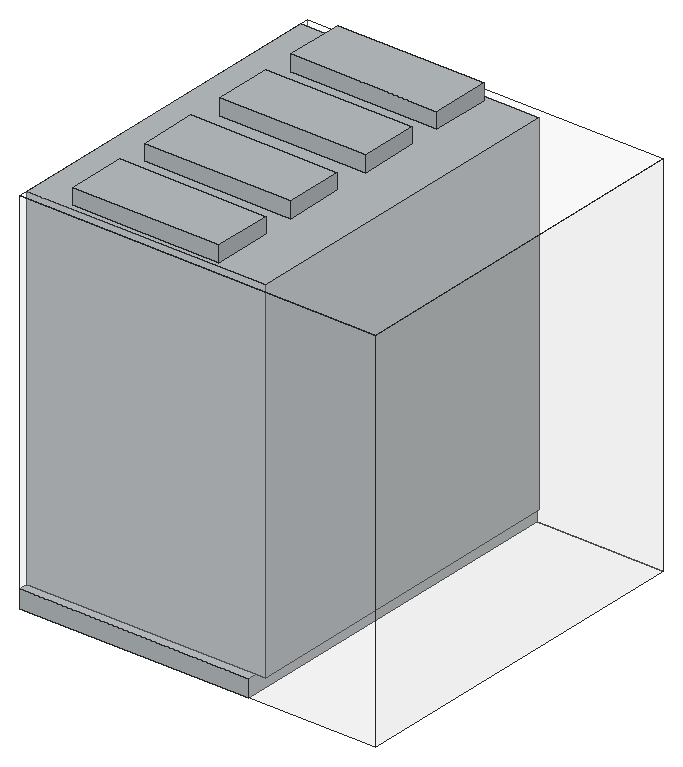
Revit family "lf-300_500x2-(f)60_60Hz", category 機械設備, Revit 2019
Family settings
  丸型コネクタ寸法 = 直径を使用
  パーツ タイプ = 標準
  OmniClass 番号 = 23.75.10.34.21
  OmniClass タイトル = Heat Exchangers for Ventilation Air
  作業面ベース = いいえ
  常に垂直 = はい
  ロード時にボイドで切り取り = いいえ
  共有 = いいえ
  部屋計算ポイント = はい
Parameters (values of type "LF-300X2-60")
  騒音レベル(dB(A)) = 52
  風量 = 3000.0 m³/h
  面風速 = 3.7 m/s
  電源種別 [instance] = ""
  電圧 = 200 V
  電動機出力 = 0 W
  集中コントローラ = ""
  運転質量 = 0.00 kg
  連動 [instance] = ""
  質量 = if(製品質量 > 運転質量, 製品質量, 運転質量) * 1.2  # 648.00 kg
  負荷分類 = 3_ファン類
  説明 = "設備用ロスナイ 床置形"
  設計風量 = 0.0 m³/h
  設置方法 = "床置形"
  記号 [instance] = ""
  製造元 = "三菱電機株式会社"
  製品質量 = 540.00 kg
  製品出荷対象 = "国内"
  製品リリース年月 = "2018/7/25"
  製品グループ = ""
  系統 [instance] = ""
  符号 = "HEU"
  積算_科目 = "1 空気調和設備"
  積算_拾い区分 [instance] = ""
  相 = 3
  盤記号 [instance] = ""
  発停方法 [instance] = ""
  特殊仕様 [instance] = ""
  火災停止 [instance] = ""
  温度交換効率 = 75.00%
  消費電力 = 2500 W
  法定耐用年数 = "15"
  機外静圧_排気 = 320.0 Pa
  機外静圧 = 320.0 Pa
  極数 = 3
  材質 [instance] = ""
  本体固定用穴ピッチ2 = 850 mm
  本体固定用穴ピッチ1 = 568 mm
  本体固定用穴_径 = 20 mm
  本体マテリアル = 溶融亜鉛めっき鋼板
  操作・制御方式 = ""
  操作・制御スイッチ = ""
  排気量 = 0.0 m³/h
  形式 = "床置形"
  幹線記号 [instance] = ""
  対象室 [instance] = ""
  実風量 = 0.0 m³/h
  始動方式 [instance] = "直入"
  外気量 = 0.0 m³/h
  呼称 = "全熱交換ユニット"
  周波数 = 60 Hz
  参照している仕様書等のバージョン = "公共建築工事標準仕様書（機械設備工事編）平成31年度版"
  初期抵抗 = 0.0 Pa
  分類コード = "50052504100050"
  分類グループ = ""
  価格 = 4576000
  企業コード = "108420"
  付属品_フィルター_還気 = ""
  付属品_フィルター = ""
  付属品 [instance] = ""
  仕様書バージョン = "Version1.0"
  モデル = "LF-300X2-60"
  メンテナンススペース = yes
  コメント [instance] = ""
  Keynote = ""
  エンタルピ交換効率_暖房 = 68.00%
  エンタルピ交換効率_冷房 = 65.00%
  Assembly Code = ""
  Width = 1220 mm
  W1 = 1170 mm
  Version = ""
  Uniclass2015Version = "Systems v1.9"
  Uniclass2015Title = "Thermal wheels"
  Uniclass2015Code = "Pr_60_60_36_88"
  URL = "https://www.mitsubishielectric.co.jp/ldg/wink/ssl/displayProduct.do?pid=294055"
  SpecificationReference = ""
  SpecificationDescription = ""
  SAサイズ_W = 748 mm
  SAサイズ_D = 298 mm
  Revision = ""
  RAサイズ_W = 748 mm
  RAサイズ_D = 298 mm
  ProductInformation = ""
  OmniClassCode = "23-27 23 19 11"
  OAサイズ_W = 748 mm
  OAサイズ_D = 298 mm
  MIN風量 = 0.0 m³/h
  MIN静圧 = 0.0 Pa
  MID風量 = 0.0 m³/h
  MID静圧 = 0.0 Pa
  MAX風量 = 3000.0 m³/h
  MAX静圧 = 320.0 Pa
  IfcTypeProduct = ""
  IfcProduct = ""
  IfcExportType = "ROTARYWHEEL"
  IfcExportAs = "IfcAirToAirHeatRecoveryType"
  Height = 1800 mm
  H1 = 90 mm
  EAサイズ_W = 748 mm
  EAサイズ_D = 298 mm
  Duct_Pitch2 = 458 mm
  Duct_Pitch1 = 479 mm
  Duct_Height = 80 mm
  Depth = 1750 mm
  D1 = 1840 mm
  Clearance Top = 0 mm
  Clearance Right = 600 mm
  Clearance Left = 0 mm
  Clearance Front = 0 mm
  Clearance Bottom = 0 mm
  Clearance Back = 0 mm
  Author = "三菱電機株式会社"
Types (6, lengths in mm): name | 騒音レベル(dB(A)) | 風量 | 面風速 | 質量 | 説明 | 製品質量 | 消費電力 | 機外静圧_排気 | 機外静圧 | 価格 | モデル | URL | MAX風量 | MAX静圧 | Height
  LF-300X2-60 | 52 | 3000.0 m³/h | 3.7 m/s | 648.00 kg | "設備用ロスナイ 床置形" | 540.00 kg | 2500 W | 320.0 Pa | 320.0 Pa | 4576000 | "LF-300X2-60" | "https://www.mitsubishielectric.co.jp/ldg/wink/ssl/displayProduct.do?pid=294055" | 3000.0 m³/h | 320.0 Pa | 1800
  LF-400X2-60 | 53.5 | 4000.0 m³/h | 4.94 m/s | 660.00 kg | "設備用ロスナイ 床置形" | 550.00 kg | 3000 W | 300.0 Pa | 300.0 Pa | 5446000 | "LF-400X2-60" | "https://www.mitsubishielectric.co.jp/ldg/wink/ssl/displayProduct.do?pid=294057" | 4000.0 m³/h | 300.0 Pa | 1800
  LF-500X2-60 | 54.5 | 5000.0 m³/h | 6.17 m/s | 744.00 kg | "設備用ロスナイ 床置形" | 620.00 kg | 3560 W | 215.0 Pa | 215.0 Pa | 6390000 | "LF-500X2-60" | "https://www.mitsubishielectric.co.jp/ldg/wink/ssl/displayProduct.do?pid=294059" | 5000.0 m³/h | 215.0 Pa | 2187
  LF-300X2-F60 | 52 | 3000.0 m³/h | 3.7 m/s | 648.00 kg | "設備用ロスナイ 床置形 インバータ端子付" | 540.00 kg | 2500 W | 320.0 Pa | 320.0 Pa | 5033000 | "LF-300X2-F60" | "https://www.mitsubishielectric.co.jp/ldg/wink/ssl/displayProduct.do?pid=294072" | 3000.0 m³/h | 320.0 Pa | 1800
  LF-400X2-F60 | 53.5 | 4000.0 m³/h | 4.94 m/s | 660.00 kg | "設備用ロスナイ 床置形 インバータ端子付" | 550.00 kg | 3000 W | 330.0 Pa | 330.0 Pa | 5992000 | "LF-400X2-F60" | "https://www.mitsubishielectric.co.jp/ldg/wink/ssl/displayProduct.do?pid=294073" | 4000.0 m³/h | 330.0 Pa | 1800
  LF-500X2-F60 | 54.5 | 5000.0 m³/h | 6.17 m/s | 744.00 kg | "設備用ロスナイ 床置形 インバータ端子付" | 620.00 kg | 3560 W | 215.0 Pa | 215.0 Pa | 7030000 | "LF-500X2-F60" | "https://www.mitsubishielectric.co.jp/ldg/wink/ssl/displayProduct.do?pid=294074" | 5000.0 m³/h | 215.0 Pa | 2187
Reference planes
  plane 1 "中心(正面/背面)": y = 0
  plane 2: z = 0
  plane 3 "中心(左/右)": x = 0
  plane 4: x = 585
  plane 5: x = 635
  plane 6: y = 875
  plane 7: y = 920
  plane 8: y = -875
  plane 9: y = -920
  plane 10: x = -585
  plane 11: x = -585
  plane 12: y = 239.5
  plane 13: y = 697.5
  plane 14: y = -239.5
  plane 15: y = -697.5
  plane 16: y = -548.5
  plane 17: y = -846.5
  plane 18: y = -90.5
  plane 19: y = -388.5
  plane 20: y = 388.5
  plane 21: y = 90.5
  plane 22: y = 846.5
  plane 23: y = 548.5
  plane 24: x = -374
  plane 25: x = 374
  plane 26: z = 90
  plane 27: z = 1890
  plane 28: z = 1970
  plane 29: y = 850
  plane 30: y = -850
  plane 31: x = -284
  plane 32: x = 284
  plane 33: x = 1235
  plane 34: x = -585
  plane 35: y = 920
  plane 36: y = -920
  plane 37: z = 1890
  plane 38: z = 0
Forms (mm)
  Extrusion 1, solid, material "溶融亜鉛めっき鋼板" <- "本体マテリアル", detail levels fine
    sketch origin (0, 0, 0) x (1, 0, 0) y (0, 1, 0)
      loop
        line (-585, 875) -> (-585, -875) -> (635, -875) -> (635, 875) -> (-585, 875)
    from 90 to 1890
  Extrusion 2, solid, material "溶融亜鉛めっき鋼板" <- "本体マテリアル", detail levels fine
    sketch origin (0, 0, 0) x (1, 0, 0) y (0, 1, 0)
      loop
        line (-585, 920) -> (-585, -920) -> (585, -920) -> (585, 920) -> (-585, 920)
    from 0 to 90
  Extrusion 3, solid, material "溶融亜鉛めっき鋼板" <- "本体マテリアル", detail levels fine
    sketch origin (0, 0, 0) x (1, 0, 0) y (0, 1, 0)
      loop
        line (-374, 846.5) -> (-374, 548.5) -> (374, 548.5) -> (374, 846.5) -> (-374, 846.5)
      loop
        line (-374, 388.5) -> (-374, 90.5) -> (374, 90.5) -> (374, 388.5) -> (-374, 388.5)
      loop
        line (-374, -388.5) -> (374, -388.5) -> (374, -90.5) -> (-374, -90.5) -> (-374, -388.5)
      loop
        line (-374, -548.5) -> (-374, -846.5) -> (374, -846.5) -> (374, -548.5) -> (-374, -548.5)
    from 1890 to 1970
Lines and regions (mm)
  Masking region 1, detail levels coarse+medium
    outline origin (1331.5, 88, 0) x (1, 0, 0) y (0, 1, 0)
      loop
        line (-1916.5, 832) -> (-1916.5, -1008) -> (-746.5, -1008) -> (-746.5, 832) -> (-1916.5, 832)
  symbolic lines, detail levels coarse+medium
    curve 1: line (0, 920, 0) -> (-585, 0, 0)
    curve 2: line (-585, 0, 0) -> (0, -920, 0)
    curve 3: line (0, -920, 0) -> (585, 0, 0)
    curve 4: line (0, 920, 0) -> (585, 0, 0)
Dimensions and locks
  equal spacing: plane 10, plane 3 "中心(左/右)", plane 4
  "W1": plane 10 to plane 4
  "Width": plane 11 to plane 5
  equal spacing: plane 7, plane 1 "中心(正面/背面)", plane 9
  "D1": plane 7 to plane 9
  equal spacing: plane 6, plane 1 "中心(正面/背面)", plane 8
  "Depth": plane 6 to plane 8
  equal spacing: plane 12, plane 1 "中心(正面/背面)", plane 14
  "Duct_Pitch1": plane 12 to plane 14
  "Duct_Pitch2": plane 13 to plane 12
  "Duct_Pitch2": plane 15 to plane 14
  equal spacing: plane 16, plane 15, plane 17
  "SAサイズ_D": plane 16 to plane 17
  equal spacing: plane 19, plane 14, plane 18
  "RAサイズ_D": plane 19 to plane 18
  equal spacing: plane 21, plane 12, plane 20
  "OAサイズ_D": plane 21 to plane 20
  equal spacing: plane 23, plane 13, plane 22
  "EAサイズ_D": plane 23 to plane 22
  equal spacing: plane 24, plane 3 "中心(左/右)", plane 25
  "SAサイズ_W": plane 24 to plane 25
  locked: plane 11 to plane 10 at 0
  "H1": plane 26 to level
  "Height": plane 27 to plane 26
  "Duct_Height": plane 28 to plane 27
  "本体固定用穴ピッチ2": plane 1 "中心(正面/背面)" to plane 29
  "本体固定用穴ピッチ2": plane 30 to plane 1 "中心(正面/背面)"
  equal spacing: plane 31, plane 3 "中心(左/右)", plane 32
  "本体固定用穴ピッチ1": plane 31 to plane 32
  "Clearance Right": plane 5 to plane 33
  "Clearance Left": plane 34 to plane 11
  "Clearance Top": plane 37 to plane 27
  "Clearance Bottom": level to plane 38
  "Clearance Front": plane 9 to plane 36
  "Clearance Back": plane 35 to plane 7
  aligned and locked: level to plane 2
  aligned and locked: Extrusion 1 sketch curve to plane 6
  aligned and locked: plane 10 to Extrusion 1 sketch curve
  aligned and locked: Extrusion 1 sketch curve to plane 8
  aligned and locked: Extrusion 2 sketch curve to plane 7
  aligned and locked: plane 11 to Extrusion 2 sketch curve
  aligned and locked: Extrusion 2 sketch curve to plane 9
  aligned and locked: Extrusion 3 sketch curve to plane 22
  aligned and locked: plane 24 to Extrusion 3 sketch curve  (x3)
  aligned and locked: Extrusion 3 sketch curve to plane 23
  aligned and locked: plane 25 to Extrusion 3 sketch curve  (x3)
  aligned and locked: Extrusion 3 sketch curve to plane 20
  aligned and locked: Extrusion 3 sketch curve to plane 21
  aligned and locked: plane 19 to Extrusion 3 sketch curve
  aligned and locked: Extrusion 3 sketch curve to plane 24
  aligned and locked: plane 18 to Extrusion 3 sketch curve
  aligned and locked: Extrusion 3 sketch curve to plane 25
  aligned and locked: Extrusion 3 sketch curve to plane 16
  aligned and locked: Extrusion 3 sketch curve to plane 17
  aligned and locked: plane 9 to Masking region 1
  aligned and locked: Masking region 1 to plane 11
  aligned and locked: plane 7 to Masking region 1
  aligned and locked: Masking region 1 to curve 1
  aligned and locked: Masking region 1 to curve 2
  aligned and locked: plane 26 to Extrusion 2
  aligned and locked: plane 27 to Extrusion 1
  aligned and locked: Extrusion 1 to plane 26
  aligned and locked: plane 28 to Extrusion 3
  aligned and locked: Extrusion 3 to plane 27
  aligned and locked: plane 33 to nested 1
  aligned and locked: nested 1 to plane 35
  aligned and locked: nested 1 to plane 37
  aligned and locked: nested 1 to plane 38
  aligned and locked: plane 9 to curve 2
  aligned and locked: plane 3 "中心(左/右)" to curve 3
  aligned and locked: plane 4 to curve 3
  aligned and locked: plane 3 "中心(左/右)" to curve 4
  aligned and locked: plane 1 "中心(正面/背面)" to curve 4
  aligned and locked: plane 30 to nested 2
  aligned and locked: plane 31 to nested 2
  aligned and locked: nested 2 to plane 32
  aligned and locked: plane 31 to nested 3
  aligned and locked: nested 3 to plane 32
  aligned and locked: plane 1 "中心(正面/背面)" to nested 3
  aligned and locked: plane 31 to nested 4
  aligned and locked: nested 4 to plane 32
  aligned and locked: nested 4 to plane 29
  aligned and locked: nested 1 to plane 34
  aligned and locked: Masking region 1 to plane 4
  aligned and locked: plane 4 to Extrusion 2 sketch curve
  aligned and locked: plane 5 to Extrusion 1 sketch curve
  aligned and locked: nested 5 to plane 3 "中心(左/右)"
  aligned and locked: nested 5 to plane 29
  aligned and locked: plane 30 to nested 5
  aligned and locked: nested 1 to plane 36
Automatic sketch dimensions
  plane 9 to Masking region 1 sketch curve = 0 mm
  Masking region 1 sketch curve to plane 10 = 0 mm
  plane 5 to Masking region 1 sketch curve = 50 mm
  Masking region 1 sketch curve to plane 7 = 0 mm
  plane 1 "中心(正面/背面)" to curve 1 = 0 mm
  curve 1 to plane 10 = 0 mm
  curve 4 to plane 7 = 0 mm
Nested families
  nested 1: "メンテナンススペース" at (325, 0, 945), visible <- "メンテナンススペース", type "メンテナンススペース"
    with Width 1820 mm, Height 1890 mm, Depth 1840 mm
  nested 2: "固定点" at (-284, -850, 0), type "固定点"
    with W 568 mm, D 1000 mm
  nested 3: "固定点" at (-284, 0, 0), type "固定点"
    with W 568 mm, D 1000 mm
  nested 4: "固定点" at (-284, 850, 0), type "固定点"
    with W 568 mm, D 1000 mm
  nested 5: "固定点" at (0, 850, 0) x (0, -1, 0) z (0, 0, 1), type "固定点"
    with W 1700 mm, D 1000 mm
Connectors
  hvac at (0, -697.5, 1970), driven by "SAサイズ_D", driven by "SAサイズ_W", driven by "機外静圧", driven by "風量"
    settings: on Extrusion 3, index 1, duct flow 3000.0 m³/h, flow factor 0, pres drop 320.0 Pa, loss coef 0, conn angle 0.00°, conn width 748 mm, conn height 298 mm, conn diameter 609.6 mm, duct sys type 1, conn prof type 1, flow config 0, flow direction 2, loss method 4, conn ref index -1, conn util no, is conn primary yes, conn desc ""
  hvac at (0, -239.5, 1970), driven by "RAサイズ_D", driven by "RAサイズ_W", driven by "機外静圧", driven by "風量"
    settings: on Extrusion 3, index 2, duct flow 3000.0 m³/h, flow factor 0, pres drop 320.0 Pa, loss coef 0, conn angle 0.00°, conn width 748 mm, conn height 298 mm, conn diameter 609.6 mm, duct sys type 2, conn prof type 1, flow config 0, flow direction 1, loss method 4, conn ref index -1, conn util no, is conn primary no, conn desc ""
  hvac at (0, 239.5, 1970), driven by "OAサイズ_D", driven by "OAサイズ_W", driven by "機外静圧", driven by "外気量"
    settings: on Extrusion 3, index 3, duct flow 0.0 m³/h, flow factor 0, pres drop 320.0 Pa, loss coef 0, conn angle 0.00°, conn width 748 mm, conn height 298 mm, conn diameter 609.6 mm, duct sys type 4, conn prof type 1, flow config 0, flow direction 1, loss method 4, conn ref index -1, conn util no, is conn primary no, conn desc ""
  hvac at (0, 697.5, 1970), driven by "EAサイズ_D", driven by "EAサイズ_W", driven by "機外静圧_排気", driven by "排気量"
    settings: on Extrusion 3, index 4, duct flow 0.0 m³/h, flow factor 0, pres drop 320.0 Pa, loss coef 0, conn angle 0.00°, conn width 748 mm, conn height 298 mm, conn diameter 609.6 mm, duct sys type 3, conn prof type 1, flow config 0, flow direction 2, loss method 4, conn ref index -1, conn util no, is conn primary no, conn desc ""
  electrical at (635, 0, 990), driven by "極数", driven by "負荷分類", driven by "電圧", driven by "消費電力"
    settings: on Extrusion 1, index 5, voltage 200 V, apparent load 2500 VA, apparent load phase1 0 VA, apparent load phase2 0 VA, apparent load phase3 0 VA, power factor 1, load classification "3_ファン類", number of poles 3, system type 30, power factor state 1, is connector primary yes, connector utility no, sub classification motor no, connector description ""
Definition of nested family "メンテナンススペース"
  Parameters (values of type "メンテナンススペース")
    Width [instance] = 500 mm
    Height [instance] = 500 mm
    Depth [instance] = 500 mm
  Reference planes
    plane 1 "中心(正面/背面)": y = 0
    plane 2: z = 0
    plane 3 "中心(左/右)": x = 0
    plane 4: y = -250
    plane 5: x = 250
    plane 6: y = 250
    plane 7: x = -250
    plane 8: z = 250
    plane 9: z = -250
  Forms (mm)
    Extrusion 1, solid
      sketch origin (-638.939, 0, 72.39) x (1, 0, 0) y (0, 1, 0)
        loop
          line (388.939, 250) -> (388.939, -250) -> (888.939, -250) -> (888.939, 250) -> (388.939, 250)
      from -322.39 to 177.61
  Lines and regions (mm)
    symbolic lines
      curve 1: line (-250, 0, 250) -> (250, 0, 250)
      curve 2: line (-250, 0, -250) -> (-250, 0, 250)
      curve 3: line (250, 0, -250) -> (-250, 0, -250)
      curve 4: line (250, 0, 250) -> (250, 0, -250)
      curve 5: line (0, -250, 250) -> (0, 250, 250)
      curve 6: line (0, -250, -250) -> (0, -250, 250)
      curve 7: line (0, 250, -250) -> (0, -250, -250)
      curve 8: line (0, 250, 250) -> (0, 250, -250)
      curve 9: line (-250, 250, 0) -> (250, 250, 0)
      curve 10: line (-250, -250, 0) -> (-250, 250, 0)
      curve 11: line (250, -250, 0) -> (-250, -250, 0)
      curve 12: line (250, 250, 0) -> (250, -250, 0)
  Dimensions and locks
    equal spacing: plane 7, plane 3 "中心(左/右)", plane 5
    equal spacing: plane 4, plane 1 "中心(正面/背面)", plane 6
    "Depth": plane 4 to plane 6
    "Width": plane 7 to plane 5
    equal spacing: plane 8, plane 2, plane 9
    "Height": plane 8 to plane 9
    aligned and locked: plane 9 to curve 3
    aligned and locked: plane 7 to curve 2
    aligned and locked: curve 4 to plane 5
    aligned and locked: plane 5 to Extrusion 1
    aligned and locked: Extrusion 1 to plane 7
    aligned and locked: Extrusion 1 to plane 9
    aligned and locked: plane 8 to Extrusion 1
    aligned and locked: plane 9 to curve 7
  Automatic sketch dimensions
    plane 4 to Extrusion 1 sketch curve = 0 mm
    Extrusion 1 sketch curve to plane 7 = 0 mm
    Extrusion 1 sketch curve to plane 5 = 0 mm
    plane 6 to Extrusion 1 sketch curve = 0 mm
    curve 2 to plane 8 = 0 mm
    plane 4 to curve 11 = 0 mm
    curve 11 to plane 7 = 0 mm
    curve 11 to plane 5 = 0 mm
    plane 6 to curve 10 = 0 mm
    curve 7 to plane 4 = 0 mm
    curve 7 to plane 6 = 0 mm
    curve 6 to plane 8 = 0 mm
Definition of nested family "固定点"
  Parameters (values of type "固定点")
    中心円 = 20 mm
    W [instance] = 1000 mm
    D [instance] = 1000 mm
  Reference planes
    plane 1 "中心(正面/背面)": y = 0
    plane 2: z = 0
    plane 3 "中心(左/右)": x = 0
    plane 4: x = 1000
  Lines and regions (mm)
    symbolic lines, detail levels fine
      curve 1: circle (0, 0, 0) r 10 normal (0, 0, 1)
      curve 2: circle (1000, 0, 0) r 10 normal (0, 0, 1)
      curve 3: line (-200, 0, 0) -> (1200, 0, 0)
      curve 4: line (0, 200, 0) -> (0, -200, 0)
      curve 5: line (1000, 200, 0) -> (1000, -200, 0)
  Dimensions and locks
    "W": plane 3 "中心(左/右)" to plane 4
    "中心円": diameter of curve 1
    "中心円": diameter of curve 2
    aligned and locked: level to plane 2
    aligned and locked: plane 3 "中心(左/右)" to curve 1
    aligned and locked: plane 1 "中心(正面/背面)" to curve 1
    aligned and locked: plane 1 "中心(正面/背面)" to curve 2
    aligned and locked: plane 4 to curve 2
    aligned and locked: plane 1 "中心(正面/背面)" to curve 3
    aligned and locked: curve 4 to plane 3 "中心(左/右)"
    aligned and locked: curve 5 to plane 4
  Automatic sketch dimensions
    curve 3 to plane 3 "中心(左/右)" = 200 mm
    curve 2 to curve 3 = 200 mm
    plane 1 "中心(正面/背面)" to curve 4 = 200 mm
    plane 1 "中心(正面/背面)" to curve 5 = 200 mm
    curve 5 to plane 1 "中心(正面/背面)" = 200 mm
    curve 4 to plane 1 "中心(正面/背面)" = 200 mm
